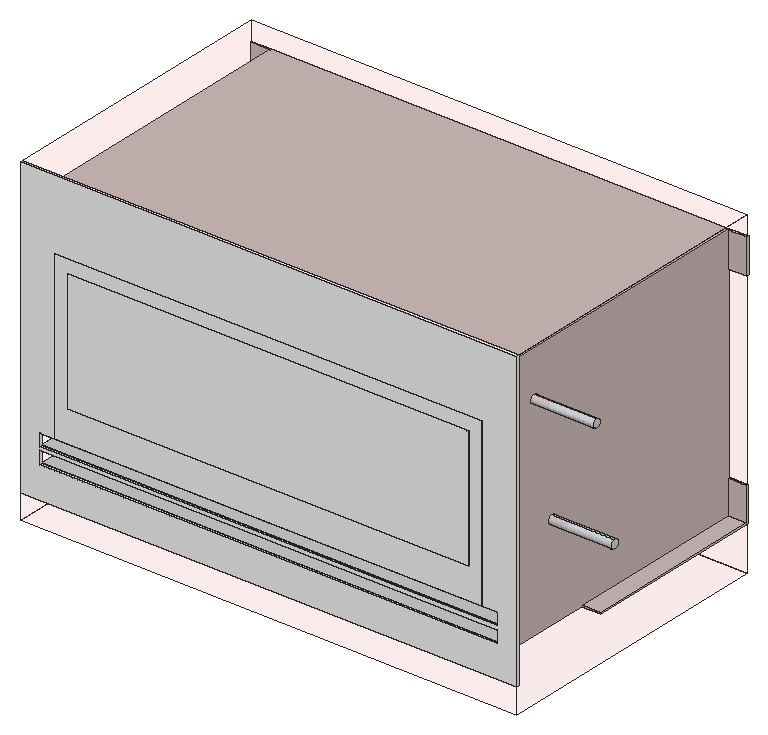
Revit family "Air-Curtain_Vestibule-Except_PoweredAire_CHA-HWST", category Mechanical Equipment, host Face, Revit 2020
Family settings
  Host = Face
  Round Connector Dimension = Use Diameter
  Part Type = Normal
  OmniClass Number = 23.75.35.17.21
  OmniClass Title = Air Curtains
  Cut with Voids When Loaded = No
  Shared = No
  Room Calculation Point = No
Parameters
  upperpiperotation [instance] = if(Upper Pipe Connection Side A, 0.00°, 180.00°)  # 0.00°
  lowerpiperotation [instance] = if(Lower Pipe Connection Side A, 0.00°, 180.00°)  # 0.00°
  locateupperpipe [instance] = if(Upper Pipe Connection Side A, 0' 0", Nozzle Width)  # 0' - 0"
  locatelowerpipe [instance] = if(Lower Pipe Connection Side A, 0' 0", Nozzle Width)  # 0' - 0"
  Warranty Duration (Years) = 0
  Upper Pipe Connection Side A [instance] = yes
  Unit Width Notes = "Other Widths available."  # constant formula
  Unit Width = 3' - 3"
  Unit Weight = 0
  Unit Height = 1' - 10 3/4"
  Unit Depth = 1' - 11 1/4"
  URL = "http://www.poweredaire.com/"
  Test Data = ""
  Standards Conformance = "as Specified"
  Specification = "http://www.arcat.com/sdspecs/htm04/23_34_33pai.htm"
  SpecWizard = ""
  Sound Pressure = "as Specified"
  Sales Information = "http://www.poweredaire.com/contact_us"
  Revision = "R1_2016-08"
  Projection from Host [instance] = 0' - 2"
  Product Properties = ""
  Product Data = "http://www.arcat.com/arcatcos/cos47/arc47623.html"
  Power Rating = 0 W
  Piping_Water Flow [instance] = 0 GPM
  Piping_Operating Pressure [instance] = 0.00 psi
  Piping_Exit Temperature [instance] = 0 °F
  Piping_Entry Temperature [instance] = 0 °F
  Pipe OD [instance] = 5/8"
  Nozzle Width = if(1 = 1, Unit Width - 0' 3", 0' 0")  # 3' - 0"
  Mounting Width = if(1 = 1, Unit Width - 0' 1 1/2", 0' 0")  # 3' - 1 1/2"
  Mounting Height [instance] = 3' - 6"
  Motor RPM = 0
  Motor HP = 0
  Motor Count = 0
  Model = "As Specified"
  Max Height = 0' - 0"
  Manufacturer Website = "http://www.poweredaire.com/"
  Manufacturer Phone - Toll Free = "888-321-2473"
  Manufacturer Phone = "724-588-3305"
  Manufacturer Fax = "724-588-3371"
  Manufacturer Address = "109 Mortensen Rd.  Greenville, PA 16125"
  Manufacturer = "Powered Aire, Inc"
  Maintenance Schedule (Months) = 0
  Lower Pipe Connection Side A [instance] = yes
  Keynote = "23 34 33"
  Installation-Fabrication = ""
  Installation Phase = ""
  Include Clearance [instance] = yes
  Heating Element Load = 0 W
  HVAC_Temperature Rise = 0 °F
  HVAC_Outlet Volume = 0 CFM
  HVAC_Outlet Velocity Uniformity = 0
  HVAC_Outlet Velocity = 0 FPM
  HVAC_BTU Input = 0.0 Btu/h
  Green Building-LEED = "http://www.arcat.com/green/clients/leed_data_47623.html"
  Front Grating Material [instance] = Metal - Steel - PoweredAire - White Perforated
  Frame Finish [instance] = Metal - Steel - PoweredAire - Stainless 304
  Expected Lifespan (Years) = 0
  Electrical_Wattage [instance] = Power Rating + Heating Element Load  # 0 W
  Electrical_Voltage [instance] = 0 V
  Electrical_Phase [instance] = 1
  Electrical_Frequency [instance] = 0 Hz
  Electrical_Amperage [instance] = 0 A
  Drawn By = "Sumex Design, Inc. / Robert S. Weygant, CSI, CDT, SCIP"
  Description = "Powered Aire Air Curtain as Specified"
  Default Elevation = 0' - 0"  # constant formula
  Cover Finish [instance] = Metal - Steel - PoweredAire - White
  Copyright = "©Arcat Inc."
  Construction Details = "http://www.arcat.com/details/powair/prod3336.html"
  Clearance_Top [instance] = 0' - 0"
  Clearance_Side B [instance] = 0' - 0"
  Clearance_Side A [instance] = 0' - 0"
  Clearance_Intake [instance] = 0' - 0"
  Clearance_Front [instance] = 0' - 0"
  Clearance Material [instance] = ARCAT Clearance
  Building Codes = ""
  Available Options [instance] = "as Specified"
  Assembly Code = "D3090400"
Reference planes (in)
  plane 1 "Center (Elevation)": y = 11.51318
  plane 2: z = 0
  plane 3 "Center (Left/Right)": x = 0
  plane 4: y = 22.88818
  plane 5: y = 0.13818
  plane 6: x = -19.5
  plane 7: x = 19.5
  plane 8: z = 25.25
  plane 9 "FF": y = -41.86182
  plane 10: z = 2
  plane 11: x = 18
  plane 12: x = -18
  plane 13: y = 22.88818
  plane 14: y = 0.13818
  plane 15: x = -19.5
  plane 16: x = 19.5
  plane 17: z = 25.25
  plane 18: y = 0.38818
  plane 19: x = 18
  plane 20: x = 18
  plane 21: z = 20.25
  plane 22: z = 11
Forms (in)
  Extrusion 1, solid, material "ARCAT Clearance" <- "Clearance Material", visible <- "Include Clearance"
    sketch origin (0, 0, 0) x (0, 1, 0) y (0, 0, 1)
      loop
        line (0.13818, 25.25) -> (0.13818, 0) -> (22.88818, 0) -> (22.88818, 25.25) -> (0.13818, 25.25)
    from -19.5 to 19.5
  Extrusion 2, solid, material "Metal - Steel - PoweredAire - White" <- "Cover Finish"
    sketch origin (0, 11.51318, 0) x (1, 0, 0) y (0, 0, 1)
      loop
        line (-19.5, 25.25) -> (-19.5, 2) -> (19.5, 2) -> (19.5, 25.25) -> (-19.5, 25.25)
    from 11.125 to 11.375
  Extrusion 3, solid, material "Metal - Steel - PoweredAire - Stainless 304" <- "Frame Finish"
    sketch origin (0, 11.51318, 0) x (1, 0, 0) y (0, 0, 1)
      loop
        line (18, 23.75) -> (-18, 23.75) -> (-18, 3.5) -> (18, 3.5) -> (18, 23.75)
    from -11.375 to 11.125
  Extrusion 4, void
    sketch origin (0, 0, 0) x (0, 1, 0) y (0, 0, 1)
      loop
        line (0.13818, 5.5) -> (0.13818, 4.5) -> (1.88818, 4.5) -> (1.88818, 6.75) -> (0.13818, 6.75) -> (0.13818, 5.75) -> (1.63818, 5.75) -> (1.63818, 5.5) -> (0.13818, 5.5)
    from -18 to 18
  Extrusion 5, solid, material "Metal - Steel - PoweredAire - White" <- "Cover Finish"
    sketch origin (-11.83813, 0.13818, 48) x (-1, 0, 0) y (0, 0, 1)
      loop
        line (4.91187, -41.25) -> (4.91187, -28.25) -> (-28.58813, -28.25) -> (-28.58813, -41.25) -> (4.91187, -41.25)
    from 0 to -0.03125
  Extrusion 6, solid, material "Metal - Steel - PoweredAire - White Perforated" <- "Front Grating Material"
    sketch origin (-11.83813, 0.10693, 48) x (1, 0, 0) y (0, 0, 1)
      loop
        line (-3.91187, -29.25) -> (-3.91187, -38.75) -> (27.58813, -38.75) -> (27.58813, -29.25) -> (-3.91187, -29.25)
    from 0 to 0.03125
  Extrusion 7, solid, material "Metal - Steel - PoweredAire - Stainless 304" <- "Frame Finish"
    sketch origin (-15.17702, -180, 2) x (-1, 0, 0) y (0, -1, 0)
      loop
        line (-33.17702, -202.88818) -> (-33.17702, -188.38818) -> (-34.67702, -188.38818) -> (-34.67702, -202.88818) -> (-33.17702, -202.88818)
      loop
        line (2.82298, -202.88818) -> (4.32298, -202.88818) -> (4.32298, -188.38818) -> (2.82298, -188.38818) -> (2.82298, -202.88818)
    from 1.5 to 1.625
  Extrusion 8, solid, material "Metal - Steel - PoweredAire - Stainless 304" <- "Frame Finish"
    sketch origin (-11.83813, 22.88818, 48) x (-1, 0, 0) y (0, 0, 1)
      loop
        line (7.66187, -44.5) -> (7.66187, -41.75) -> (6.16187, -41.75) -> (6.16187, -44.5) -> (7.66187, -44.5)
      loop
        line (-31.33813, -44.5) -> (-29.83813, -44.5) -> (-29.83813, -41.75) -> (-31.33813, -41.75) -> (-31.33813, -44.5)
      loop
        line (7.66187, -27) -> (7.66187, -24.25) -> (6.16187, -24.25) -> (6.16187, -27) -> (7.66187, -27)
      loop
        line (-31.33813, -27) -> (-29.83813, -27) -> (-29.83813, -24.25) -> (-31.33813, -24.25) -> (-31.33813, -27)
    from 0 to -0.125
  Sweep 9, solid
    path origin (18, 11.51318, 20.25) x (1, 0, 0) y (0, 0, 1)
      loop
        line (0, 0) -> (5, 0)
    profile origin (20.5, 11.51318, 20.25) x (0, 0, 1) y (0, -1, 0)
      loop
        circle (0, 7.875) r 0.3125
  Sweep 10, solid
    path origin (18, 11.51318, 11) x (1, 0, 0) y (0, 0, 1)
      loop
        line (0, 0) -> (5, 0)
    profile origin (20.5, 11.51318, 11) x (0, 0, 1) y (0, -1, 0)
      loop
        circle (0, 6.125) r 0.3125
Cuts and joins
  Extrusion 4 cuts Extrusion 1
  Extrusion 4 cuts Extrusion 2
  Extrusion 4 cuts Extrusion 3
Lines and regions (in)
  reference lines
    curve 1: line (18, 11.51318, 20.25) -> (25.75, 11.51318, 20.25)
    curve 2: line (18, 11.51318, 11) -> (26.25, 11.51318, 11)
Dimensions and locks (in)
  equal spacing: plane 4, plane 1 "Center (Elevation)", plane 5
  "Unit Height": plane 4 to plane 5
  equal spacing: plane 6, plane 3 "Center (Left/Right)", plane 7
  "Unit Width": plane 6 to plane 7
  "Mounting Height": plane 5 to plane 9 "FF"
  "Projection from Host": plane 10 to level
  "Unit Depth": plane 8 to plane 10
  locked: plane 6 to plane 12 at 1.5
  locked: plane 11 to plane 7 at 1.5
  "Clearance_Side A": plane 7 to plane 16
  "Clearance_Side B": plane 15 to plane 6
  "Clearance_Top": plane 13 to plane 4
  "Clearance_Intake": plane 5 to plane 14
  "Clearance_Front": plane 17 to plane 8
  locked: plane 8 to Extrusion 3 sketch curve at 1.5
  locked: Extrusion 3 sketch curve to plane 10 at 1.5
  locked: plane 7 to Extrusion 3 sketch curve at 1.5
  locked: Extrusion 3 sketch curve to plane 6 at 1.5
  locked: plane 18 to plane 5 at 0.25
  Extrusion 4 sketch curve to Extrusion 4 sketch curve to Extrusion 4 sketch curve to Extrusion 4 sketch curve to plane 10 = 0' - 1" locked, 0' - 0 1/4" locked, 0' - 1" locked, 0' - 2 1/2" locked
  Extrusion 5 sketch curve to Extrusion 5 sketch curve to plane 10 = 1' - 1" locked, 0' - 4 3/4" locked
  locked: plane 11 to Extrusion 5 sketch curve at 1.25
  locked: Extrusion 5 sketch curve to plane 12 at 1.25
  Extrusion 6 sketch curve to Extrusion 6 sketch curve to plane 10 = 0' - 9 1/2" locked, 0' - 7 1/4" locked
  locked: Extrusion 6 sketch curve to plane 12 at 2.25
  locked: plane 11 to Extrusion 6 sketch curve at 2.25
  locked: plane 4 to Extrusion 7 sketch curve at 14.5  (x2)
  Extrusion 8 sketch curve to Extrusion 8 sketch curve to Extrusion 8 sketch curve to Extrusion 8 sketch curve to plane 10 = 0' - 2 3/4" locked, 1' - 2 3/4" locked, 0' - 2 3/4" locked, 0' - 1 1/2" locked  (x2)
  "locatelowerpipe": plane 19 to plane 11
  "locateupperpipe": plane 20 to plane 11
  locked: plane 8 to plane 21 at 5
  locked: plane 22 to plane 10 at 9
  locked: curve 1 to Sweep 9 sketch curve at 5
  locked: curve 1 to Sweep 9 sketch curve
  locked: curve 2 to Sweep 10 sketch curve at 5
  locked: curve 2 to Sweep 10 sketch curve
  locked: plane 5 to Sweep 9 sketch curve at 3.5
  locked: plane 5 to Sweep 10 sketch curve at 5.25
  "lowerpiperotation": angle plane 21 to curve 1
  "upperpiperotation": angle plane 22 to curve 2
  aligned and locked: plane 2 to host face
  aligned and locked: level to host face
  aligned and locked: Extrusion 1 sketch curve to plane 17
  aligned and locked: plane 14 to Extrusion 1 sketch curve
  aligned and locked: level to Extrusion 1 sketch curve
  aligned and locked: Extrusion 1 sketch curve to plane 13
  aligned and locked: plane 16 to Extrusion 1
  aligned and locked: Extrusion 1 to plane 15
  aligned and locked: Extrusion 2 sketch curve to plane 8
  aligned and locked: plane 6 to Extrusion 2 sketch curve
  aligned and locked: Extrusion 2 sketch curve to plane 10
  aligned and locked: Extrusion 2 sketch curve to plane 7
  aligned and locked: Extrusion 3 to plane 4
  aligned and locked: Extrusion 3 to plane 18
  aligned and locked: Extrusion 2 to plane 18
  aligned and locked: Extrusion 2 to plane 5
  aligned and locked: plane 11 to Extrusion 4
  aligned and locked: Extrusion 4 to plane 12
  aligned and locked: Extrusion 7 sketch curve to plane 4  (x2)
  aligned and locked: plane 20 to curve 2
  aligned and locked: plane 22 to curve 2
  aligned and locked: plane 19 to curve 1
  aligned and locked: plane 21 to curve 1
Automatic sketch dimensions
  host sketch curve to host sketch curve = 8' - 0"  (x2)
  Extrusion 4 sketch curve to plane 5 = 0' - 0"  (x2)
  plane 18 to Extrusion 4 sketch curve = 0' - 1 1/4"
  Extrusion 4 sketch curve to Extrusion 4 sketch curve = 0' - 0 1/4"
  Extrusion 7 sketch curve to plane 7 = 0' - 0"
  Extrusion 7 sketch curve to plane 11 = 0' - 0"
  Extrusion 7 sketch curve to plane 12 = 0' - 0"
  Extrusion 7 sketch curve to plane 6 = 0' - 0"
  Extrusion 8 sketch curve to plane 7 = 0' - 0"  (x2)
  Extrusion 8 sketch curve to plane 11 = 0' - 0"  (x2)
  Extrusion 8 sketch curve to plane 12 = 0' - 0"  (x2)
  Extrusion 8 sketch curve to plane 6 = 0' - 0"  (x2)
  profile plane to Sweep 9 sketch curve = 0' - 0"
  profile plane to Sweep 10 sketch curve = 0' - 0"
  radius of Sweep 9 sketch curve = 0' - 0 5/16"
  radius of Sweep 10 sketch curve = 0' - 0 5/16"
Connectors (in)
  electrical at (-18, 6.38818, 9.625), driven by "Electrical_Voltage", driven by "Electrical_Phase"
    settings: on cut or joined group of Extrusion 3, Extrusion 4, index 1, voltage 0 V, apparent load 0 VA, apparent load phase1 0 VA, apparent load phase2 0 VA, apparent load phase3 0 VA, power factor 1, load classification "Other", number of poles 1, system type 31, power factor state 1, is connector primary yes, connector utility no, sub classification motor no, connector description ""
  piping at (23, 3.63818, 20.25), diameter 0.625, driven by "Pipe OD"
    settings: on Sweep 9, index 2, connector inside diameter 24", connector length 0' - 0", flow factor 0, pipe flow 0 GPM, pressure drop 0.00 psi, fitting loss kfactor 0, connector angle 0.00°, fixture units 0, engagement length 0' - 0", angle of deflection 0.00°, flow configuration 0, flow direction 0, fitting loss method 0, system type 29, joint type 0, gender type 0, connector reference index -1, connector utility 0, adjustable connector no, is connector primary no, connector description "Define Supply or Return and Location"
  piping at (23, 5.38818, 11), diameter 0.625, driven by "Pipe OD"
    settings: on Sweep 10, index 3, connector inside diameter 24", connector length 0' - 0", flow factor 0, pipe flow 0 GPM, pressure drop 0.00 psi, fitting loss kfactor 0, connector angle 0.00°, fixture units 0, engagement length 0' - 0", angle of deflection 0.00°, flow configuration 0, flow direction 0, fitting loss method 0, system type 29, joint type 0, gender type 0, connector reference index -1, connector utility 0, adjustable connector no, is connector primary yes, connector description "Define Supply or Return and Location"
